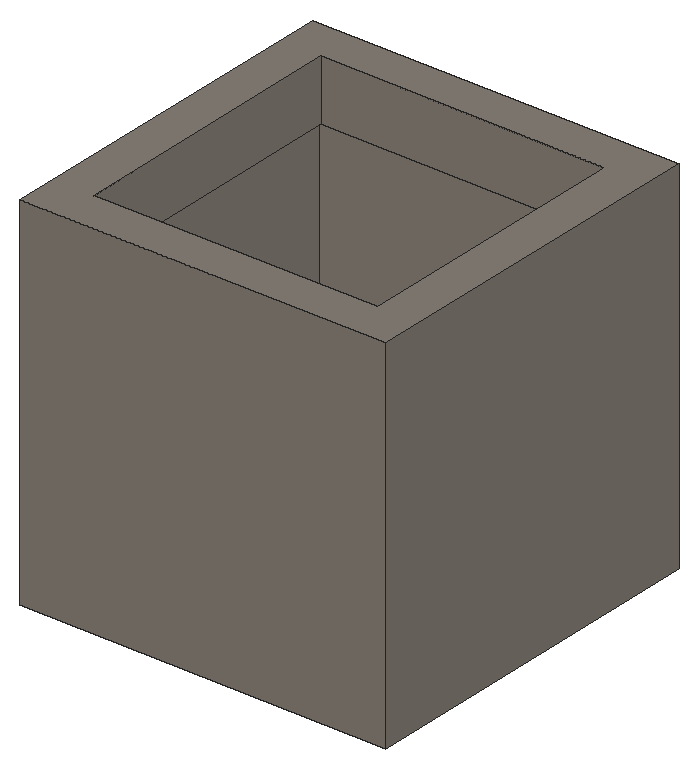
Revit family "Specialty_Equipment-Fiberglass_Planter-Planters_Unlimited-Baxter-Rectangular & Square-rev", category Specialty Equipment, Revit 2023 (continued)
Types (596): name | Type Comments | Description | CD_Width | CD_Specification | CD_Product Page URL | CD_Height | CD_Length
  60"L x 42"W x 42"H | "Rectangular Planter" | "Baxter Rectangular Planter" | 42.0" | "https://www.plantersunlimited.com/content/Planters/C19-LYN-REC.pdf" | "https://www.plantersunlimited.com/lynx-rectangular-planters48/" | 42.0" | 60.0"
  60"L x 42"W x 48"H | "Rectangular Planter" | "Baxter Rectangular Planter" | 42.0" | "https://www.plantersunlimited.com/content/Planters/C19-LYN-REC.pdf" | "https://www.plantersunlimited.com/lynx-rectangular-planters48/" | 48.0" | 60.0"
  66"L x 12"W x 18"H | "Rectangular Planter" | "Baxter Rectangular Planter" | 12.0" | "https://www.plantersunlimited.com/content/Planters/C19-LYN-REC.pdf" | "https://www.plantersunlimited.com/lynx-rectangular-planters48/" | 18.0" | 66.0"
  66"L x 12"W x 24"H | "Rectangular Planter" | "Baxter Rectangular Planter" | 12.0" | "https://www.plantersunlimited.com/content/Planters/C19-LYN-REC.pdf" | "https://www.plantersunlimited.com/lynx-rectangular-planters48/" | 24.0" | 66.0"
  66"L x 12"W x 30"H | "Rectangular Planter" | "Baxter Rectangular Planter" | 12.0" | "https://www.plantersunlimited.com/content/Planters/C19-LYN-REC.pdf" | "https://www.plantersunlimited.com/lynx-rectangular-planters48/" | 30.0" | 66.0"
  66"L x 12"W x 36"H | "Rectangular Planter" | "Baxter Rectangular Planter" | 12.0" | "https://www.plantersunlimited.com/content/Planters/C19-LYN-REC.pdf" | "https://www.plantersunlimited.com/lynx-rectangular-planters48/" | 36.0" | 66.0"
  66"L x 15"W x 18"H | "Rectangular Planter" | "Baxter Rectangular Planter" | 15.0" | "https://www.plantersunlimited.com/content/Planters/C19-LYN-REC.pdf" | "https://www.plantersunlimited.com/lynx-rectangular-planters48/" | 18.0" | 66.0"
  66"L x 15"W x 24"H | "Rectangular Planter" | "Baxter Rectangular Planter" | 15.0" | "https://www.plantersunlimited.com/content/Planters/C19-LYN-REC.pdf" | "https://www.plantersunlimited.com/lynx-rectangular-planters48/" | 24.0" | 66.0"
  66"L x 15"W x 30"H | "Rectangular Planter" | "Baxter Rectangular Planter" | 15.0" | "https://www.plantersunlimited.com/content/Planters/C19-LYN-REC.pdf" | "https://www.plantersunlimited.com/lynx-rectangular-planters48/" | 30.0" | 66.0"
  66"L x 15"W x 36"H | "Rectangular Planter" | "Baxter Rectangular Planter" | 15.0" | "https://www.plantersunlimited.com/content/Planters/C19-LYN-REC.pdf" | "https://www.plantersunlimited.com/lynx-rectangular-planters48/" | 36.0" | 66.0"
  66"L x 15"W x 42"H | "Rectangular Planter" | "Baxter Rectangular Planter" | 15.0" | "https://www.plantersunlimited.com/content/Planters/C19-LYN-REC.pdf" | "https://www.plantersunlimited.com/lynx-rectangular-planters48/" | 42.0" | 66.0"
  66"L x 15"W x 48"H | "Rectangular Planter" | "Baxter Rectangular Planter" | 15.0" | "https://www.plantersunlimited.com/content/Planters/C19-LYN-REC.pdf" | "https://www.plantersunlimited.com/lynx-rectangular-planters48/" | 48.0" | 66.0"
  66"L x 18"W x 18"H | "Rectangular Planter" | "Baxter Rectangular Planter" | 18.0" | "https://www.plantersunlimited.com/content/Planters/C19-LYN-REC.pdf" | "https://www.plantersunlimited.com/lynx-rectangular-planters48/" | 18.0" | 66.0"
  66"L x 18"W x 24"H | "Rectangular Planter" | "Baxter Rectangular Planter" | 18.0" | "https://www.plantersunlimited.com/content/Planters/C19-LYN-REC.pdf" | "https://www.plantersunlimited.com/lynx-rectangular-planters48/" | 24.0" | 66.0"
  66"L x 18"W x 30"H | "Rectangular Planter" | "Baxter Rectangular Planter" | 18.0" | "https://www.plantersunlimited.com/content/Planters/C19-LYN-REC.pdf" | "https://www.plantersunlimited.com/lynx-rectangular-planters48/" | 30.0" | 66.0"
  66"L x 18"W x 36"H | "Rectangular Planter" | "Baxter Rectangular Planter" | 18.0" | "https://www.plantersunlimited.com/content/Planters/C19-LYN-REC.pdf" | "https://www.plantersunlimited.com/lynx-rectangular-planters48/" | 36.0" | 66.0"
  66"L x 18"W x 42"H | "Rectangular Planter" | "Baxter Rectangular Planter" | 18.0" | "https://www.plantersunlimited.com/content/Planters/C19-LYN-REC.pdf" | "https://www.plantersunlimited.com/lynx-rectangular-planters48/" | 42.0" | 66.0"
  66"L x 18"W x 48"H | "Rectangular Planter" | "Baxter Rectangular Planter" | 18.0" | "https://www.plantersunlimited.com/content/Planters/C19-LYN-REC.pdf" | "https://www.plantersunlimited.com/lynx-rectangular-planters48/" | 48.0" | 66.0"
  66"L x 24"W x 18"H | "Rectangular Planter" | "Baxter Rectangular Planter" | 24.0" | "https://www.plantersunlimited.com/content/Planters/C19-LYN-REC.pdf" | "https://www.plantersunlimited.com/lynx-rectangular-planters48/" | 18.0" | 66.0"
  66"L x 24"W x 24"H | "Rectangular Planter" | "Baxter Rectangular Planter" | 24.0" | "https://www.plantersunlimited.com/content/Planters/C19-LYN-REC.pdf" | "https://www.plantersunlimited.com/lynx-rectangular-planters48/" | 24.0" | 66.0"
  66"L x 24"W x 30"H | "Rectangular Planter" | "Baxter Rectangular Planter" | 24.0" | "https://www.plantersunlimited.com/content/Planters/C19-LYN-REC.pdf" | "https://www.plantersunlimited.com/lynx-rectangular-planters48/" | 30.0" | 66.0"
  66"L x 24"W x 36"H | "Rectangular Planter" | "Baxter Rectangular Planter" | 24.0" | "https://www.plantersunlimited.com/content/Planters/C19-LYN-REC.pdf" | "https://www.plantersunlimited.com/lynx-rectangular-planters48/" | 36.0" | 66.0"
  66"L x 24"W x 42"H | "Rectangular Planter" | "Baxter Rectangular Planter" | 24.0" | "https://www.plantersunlimited.com/content/Planters/C19-LYN-REC.pdf" | "https://www.plantersunlimited.com/lynx-rectangular-planters48/" | 42.0" | 66.0"
  66"L x 24"W x 48"H | "Rectangular Planter" | "Baxter Rectangular Planter" | 24.0" | "https://www.plantersunlimited.com/content/Planters/C19-LYN-REC.pdf" | "https://www.plantersunlimited.com/lynx-rectangular-planters48/" | 48.0" | 66.0"
  66"L x 30"W x 18"H | "Rectangular Planter" | "Baxter Rectangular Planter" | 30.0" | "https://www.plantersunlimited.com/content/Planters/C19-LYN-REC.pdf" | "https://www.plantersunlimited.com/lynx-rectangular-planters48/" | 18.0" | 66.0"
  66"L x 30"W x 24"H | "Rectangular Planter" | "Baxter Rectangular Planter" | 30.0" | "https://www.plantersunlimited.com/content/Planters/C19-LYN-REC.pdf" | "https://www.plantersunlimited.com/lynx-rectangular-planters48/" | 24.0" | 66.0"
  66"L x 30"W x 30"H | "Rectangular Planter" | "Baxter Rectangular Planter" | 30.0" | "https://www.plantersunlimited.com/content/Planters/C19-LYN-REC.pdf" | "https://www.plantersunlimited.com/lynx-rectangular-planters48/" | 30.0" | 66.0"
  66"L x 30"W x 36"H | "Rectangular Planter" | "Baxter Rectangular Planter" | 30.0" | "https://www.plantersunlimited.com/content/Planters/C19-LYN-REC.pdf" | "https://www.plantersunlimited.com/lynx-rectangular-planters48/" | 36.0" | 66.0"
  66"L x 30"W x 42"H | "Rectangular Planter" | "Baxter Rectangular Planter" | 30.0" | "https://www.plantersunlimited.com/content/Planters/C19-LYN-REC.pdf" | "https://www.plantersunlimited.com/lynx-rectangular-planters48/" | 42.0" | 66.0"
  66"L x 30"W x 48"H | "Rectangular Planter" | "Baxter Rectangular Planter" | 30.0" | "https://www.plantersunlimited.com/content/Planters/C19-LYN-REC.pdf" | "https://www.plantersunlimited.com/lynx-rectangular-planters48/" | 48.0" | 66.0"
  66"L x 36"W x 18"H | "Rectangular Planter" | "Baxter Rectangular Planter" | 36.0" | "https://www.plantersunlimited.com/content/Planters/C19-LYN-REC.pdf" | "https://www.plantersunlimited.com/lynx-rectangular-planters48/" | 18.0" | 66.0"
  66"L x 36"W x 24"H | "Rectangular Planter" | "Baxter Rectangular Planter" | 36.0" | "https://www.plantersunlimited.com/content/Planters/C19-LYN-REC.pdf" | "https://www.plantersunlimited.com/lynx-rectangular-planters48/" | 24.0" | 66.0"
  66"L x 36"W x 30"H | "Rectangular Planter" | "Baxter Rectangular Planter" | 36.0" | "https://www.plantersunlimited.com/content/Planters/C19-LYN-REC.pdf" | "https://www.plantersunlimited.com/lynx-rectangular-planters48/" | 30.0" | 66.0"
  66"L x 36"W x 36"H | "Rectangular Planter" | "Baxter Rectangular Planter" | 36.0" | "https://www.plantersunlimited.com/content/Planters/C19-LYN-REC.pdf" | "https://www.plantersunlimited.com/lynx-rectangular-planters48/" | 36.0" | 66.0"
  66"L x 36"W x 42"H | "Rectangular Planter" | "Baxter Rectangular Planter" | 36.0" | "https://www.plantersunlimited.com/content/Planters/C19-LYN-REC.pdf" | "https://www.plantersunlimited.com/lynx-rectangular-planters48/" | 42.0" | 66.0"
  66"L x 36"W x 48"H | "Rectangular Planter" | "Baxter Rectangular Planter" | 36.0" | "https://www.plantersunlimited.com/content/Planters/C19-LYN-REC.pdf" | "https://www.plantersunlimited.com/lynx-rectangular-planters48/" | 48.0" | 66.0"
  66"L x 42"W x 18"H | "Rectangular Planter" | "Baxter Rectangular Planter" | 42.0" | "https://www.plantersunlimited.com/content/Planters/C19-LYN-REC.pdf" | "https://www.plantersunlimited.com/lynx-rectangular-planters48/" | 18.0" | 66.0"
  66"L x 42"W x 24"H | "Rectangular Planter" | "Baxter Rectangular Planter" | 42.0" | "https://www.plantersunlimited.com/content/Planters/C19-LYN-REC.pdf" | "https://www.plantersunlimited.com/lynx-rectangular-planters48/" | 24.0" | 66.0"
  66"L x 42"W x 30"H | "Rectangular Planter" | "Baxter Rectangular Planter" | 42.0" | "https://www.plantersunlimited.com/content/Planters/C19-LYN-REC.pdf" | "https://www.plantersunlimited.com/lynx-rectangular-planters48/" | 30.0" | 66.0"
  66"L x 42"W x 36"H | "Rectangular Planter" | "Baxter Rectangular Planter" | 42.0" | "https://www.plantersunlimited.com/content/Planters/C19-LYN-REC.pdf" | "https://www.plantersunlimited.com/lynx-rectangular-planters48/" | 36.0" | 66.0"
  66"L x 42"W x 42"H | "Rectangular Planter" | "Baxter Rectangular Planter" | 42.0" | "https://www.plantersunlimited.com/content/Planters/C19-LYN-REC.pdf" | "https://www.plantersunlimited.com/lynx-rectangular-planters48/" | 42.0" | 66.0"
  66"L x 42"W x 48"H | "Rectangular Planter" | "Baxter Rectangular Planter" | 42.0" | "https://www.plantersunlimited.com/content/Planters/C19-LYN-REC.pdf" | "https://www.plantersunlimited.com/lynx-rectangular-planters48/" | 48.0" | 66.0"
  72"L x 12"W x 18"H | "Rectangular Planter" | "Baxter Rectangular Planter" | 12.0" | "https://www.plantersunlimited.com/content/Planters/C19-LYN-REC.pdf" | "https://www.plantersunlimited.com/lynx-rectangular-planters48/" | 18.0" | 72.0"
  72"L x 12"W x 24"H | "Rectangular Planter" | "Baxter Rectangular Planter" | 12.0" | "https://www.plantersunlimited.com/content/Planters/C19-LYN-REC.pdf" | "https://www.plantersunlimited.com/lynx-rectangular-planters48/" | 24.0" | 72.0"
  72"L x 12"W x 30"H | "Rectangular Planter" | "Baxter Rectangular Planter" | 12.0" | "https://www.plantersunlimited.com/content/Planters/C19-LYN-REC.pdf" | "https://www.plantersunlimited.com/lynx-rectangular-planters48/" | 30.0" | 72.0"
  72"L x 12"W x 36"H | "Rectangular Planter" | "Baxter Rectangular Planter" | 12.0" | "https://www.plantersunlimited.com/content/Planters/C19-LYN-REC.pdf" | "https://www.plantersunlimited.com/lynx-rectangular-planters48/" | 36.0" | 72.0"
  72"L x 15"W x 18"H | "Rectangular Planter" | "Baxter Rectangular Planter" | 15.0" | "https://www.plantersunlimited.com/content/Planters/C19-LYN-REC.pdf" | "https://www.plantersunlimited.com/lynx-rectangular-planters48/" | 18.0" | 72.0"
  72"L x 15"W x 24"H | "Rectangular Planter" | "Baxter Rectangular Planter" | 15.0" | "https://www.plantersunlimited.com/content/Planters/C19-LYN-REC.pdf" | "https://www.plantersunlimited.com/lynx-rectangular-planters48/" | 24.0" | 72.0"
  72"L x 15"W x 30"H | "Rectangular Planter" | "Baxter Rectangular Planter" | 15.0" | "https://www.plantersunlimited.com/content/Planters/C19-LYN-REC.pdf" | "https://www.plantersunlimited.com/lynx-rectangular-planters48/" | 30.0" | 72.0"
  72"L x 15"W x 36"H | "Rectangular Planter" | "Baxter Rectangular Planter" | 15.0" | "https://www.plantersunlimited.com/content/Planters/C19-LYN-REC.pdf" | "https://www.plantersunlimited.com/lynx-rectangular-planters48/" | 36.0" | 72.0"
  72"L x 15"W x 42"H | "Rectangular Planter" | "Baxter Rectangular Planter" | 15.0" | "https://www.plantersunlimited.com/content/Planters/C19-LYN-REC.pdf" | "https://www.plantersunlimited.com/lynx-rectangular-planters48/" | 42.0" | 72.0"
  72"L x 15"W x 48"H | "Rectangular Planter" | "Baxter Rectangular Planter" | 15.0" | "https://www.plantersunlimited.com/content/Planters/C19-LYN-REC.pdf" | "https://www.plantersunlimited.com/lynx-rectangular-planters48/" | 48.0" | 72.0"
  72"L x 18"W x 18"H | "Rectangular Planter" | "Baxter Rectangular Planter" | 18.0" | "https://www.plantersunlimited.com/content/Planters/C19-LYN-REC.pdf" | "https://www.plantersunlimited.com/lynx-rectangular-planters48/" | 18.0" | 72.0"
  72"L x 18"W x 24"H | "Rectangular Planter" | "Baxter Rectangular Planter" | 18.0" | "https://www.plantersunlimited.com/content/Planters/C19-LYN-REC.pdf" | "https://www.plantersunlimited.com/lynx-rectangular-planters48/" | 24.0" | 72.0"
  72"L x 18"W x 30"H | "Rectangular Planter" | "Baxter Rectangular Planter" | 18.0" | "https://www.plantersunlimited.com/content/Planters/C19-LYN-REC.pdf" | "https://www.plantersunlimited.com/lynx-rectangular-planters48/" | 30.0" | 72.0"
  72"L x 18"W x 36"H | "Rectangular Planter" | "Baxter Rectangular Planter" | 18.0" | "https://www.plantersunlimited.com/content/Planters/C19-LYN-REC.pdf" | "https://www.plantersunlimited.com/lynx-rectangular-planters48/" | 36.0" | 72.0"
  72"L x 18"W x 42"H | "Rectangular Planter" | "Baxter Rectangular Planter" | 18.0" | "https://www.plantersunlimited.com/content/Planters/C19-LYN-REC.pdf" | "https://www.plantersunlimited.com/lynx-rectangular-planters48/" | 42.0" | 72.0"
  72"L x 18"W x 48"H | "Rectangular Planter" | "Baxter Rectangular Planter" | 18.0" | "https://www.plantersunlimited.com/content/Planters/C19-LYN-REC.pdf" | "https://www.plantersunlimited.com/lynx-rectangular-planters48/" | 48.0" | 72.0"
  72"L x 24"W x 18"H | "Rectangular Planter" | "Baxter Rectangular Planter" | 24.0" | "https://www.plantersunlimited.com/content/Planters/C19-LYN-REC.pdf" | "https://www.plantersunlimited.com/lynx-rectangular-planters48/" | 18.0" | 72.0"
  72"L x 24"W x 24"H | "Rectangular Planter" | "Baxter Rectangular Planter" | 24.0" | "https://www.plantersunlimited.com/content/Planters/C19-LYN-REC.pdf" | "https://www.plantersunlimited.com/lynx-rectangular-planters48/" | 24.0" | 72.0"
  72"L x 24"W x 30"H | "Rectangular Planter" | "Baxter Rectangular Planter" | 24.0" | "https://www.plantersunlimited.com/content/Planters/C19-LYN-REC.pdf" | "https://www.plantersunlimited.com/lynx-rectangular-planters48/" | 30.0" | 72.0"
  72"L x 24"W x 36"H | "Rectangular Planter" | "Baxter Rectangular Planter" | 24.0" | "https://www.plantersunlimited.com/content/Planters/C19-LYN-REC.pdf" | "https://www.plantersunlimited.com/lynx-rectangular-planters48/" | 36.0" | 72.0"
  72"L x 24"W x 42"H | "Rectangular Planter" | "Baxter Rectangular Planter" | 24.0" | "https://www.plantersunlimited.com/content/Planters/C19-LYN-REC.pdf" | "https://www.plantersunlimited.com/lynx-rectangular-planters48/" | 42.0" | 72.0"
  72"L x 24"W x 48"H | "Rectangular Planter" | "Baxter Rectangular Planter" | 24.0" | "https://www.plantersunlimited.com/content/Planters/C19-LYN-REC.pdf" | "https://www.plantersunlimited.com/lynx-rectangular-planters48/" | 48.0" | 72.0"
  72"L x 30"W x 18"H | "Rectangular Planter" | "Baxter Rectangular Planter" | 30.0" | "https://www.plantersunlimited.com/content/Planters/C19-LYN-REC.pdf" | "https://www.plantersunlimited.com/lynx-rectangular-planters48/" | 18.0" | 72.0"
  72"L x 30"W x 24"H | "Rectangular Planter" | "Baxter Rectangular Planter" | 30.0" | "https://www.plantersunlimited.com/content/Planters/C19-LYN-REC.pdf" | "https://www.plantersunlimited.com/lynx-rectangular-planters48/" | 24.0" | 72.0"
  72"L x 30"W x 30"H | "Rectangular Planter" | "Baxter Rectangular Planter" | 30.0" | "https://www.plantersunlimited.com/content/Planters/C19-LYN-REC.pdf" | "https://www.plantersunlimited.com/lynx-rectangular-planters48/" | 30.0" | 72.0"
  72"L x 30"W x 36"H | "Rectangular Planter" | "Baxter Rectangular Planter" | 30.0" | "https://www.plantersunlimited.com/content/Planters/C19-LYN-REC.pdf" | "https://www.plantersunlimited.com/lynx-rectangular-planters48/" | 36.0" | 72.0"
  72"L x 30"W x 42"H | "Rectangular Planter" | "Baxter Rectangular Planter" | 30.0" | "https://www.plantersunlimited.com/content/Planters/C19-LYN-REC.pdf" | "https://www.plantersunlimited.com/lynx-rectangular-planters48/" | 42.0" | 72.0"
  72"L x 30"W x 48"H | "Rectangular Planter" | "Baxter Rectangular Planter" | 30.0" | "https://www.plantersunlimited.com/content/Planters/C19-LYN-REC.pdf" | "https://www.plantersunlimited.com/lynx-rectangular-planters48/" | 48.0" | 72.0"
  72"L x 36"W x 18"H | "Rectangular Planter" | "Baxter Rectangular Planter" | 36.0" | "https://www.plantersunlimited.com/content/Planters/C19-LYN-REC.pdf" | "https://www.plantersunlimited.com/lynx-rectangular-planters48/" | 18.0" | 72.0"
  72"L x 36"W x 24"H | "Rectangular Planter" | "Baxter Rectangular Planter" | 36.0" | "https://www.plantersunlimited.com/content/Planters/C19-LYN-REC.pdf" | "https://www.plantersunlimited.com/lynx-rectangular-planters48/" | 24.0" | 72.0"
  72"L x 36"W x 30"H | "Rectangular Planter" | "Baxter Rectangular Planter" | 36.0" | "https://www.plantersunlimited.com/content/Planters/C19-LYN-REC.pdf" | "https://www.plantersunlimited.com/lynx-rectangular-planters48/" | 30.0" | 72.0"
  72"L x 36"W x 36"H | "Rectangular Planter" | "Baxter Rectangular Planter" | 36.0" | "https://www.plantersunlimited.com/content/Planters/C19-LYN-REC.pdf" | "https://www.plantersunlimited.com/lynx-rectangular-planters48/" | 36.0" | 72.0"
  72"L x 36"W x 42"H | "Rectangular Planter" | "Baxter Rectangular Planter" | 36.0" | "https://www.plantersunlimited.com/content/Planters/C19-LYN-REC.pdf" | "https://www.plantersunlimited.com/lynx-rectangular-planters48/" | 42.0" | 72.0"
  72"L x 36"W x 48"H | "Rectangular Planter" | "Baxter Rectangular Planter" | 36.0" | "https://www.plantersunlimited.com/content/Planters/C19-LYN-REC.pdf" | "https://www.plantersunlimited.com/lynx-rectangular-planters48/" | 48.0" | 72.0"
  72"L x 42"W x 18"H | "Rectangular Planter" | "Baxter Rectangular Planter" | 42.0" | "https://www.plantersunlimited.com/content/Planters/C19-LYN-REC.pdf" | "https://www.plantersunlimited.com/lynx-rectangular-planters48/" | 18.0" | 72.0"
  72"L x 42"W x 24"H | "Rectangular Planter" | "Baxter Rectangular Planter" | 42.0" | "https://www.plantersunlimited.com/content/Planters/C19-LYN-REC.pdf" | "https://www.plantersunlimited.com/lynx-rectangular-planters48/" | 24.0" | 72.0"
  72"L x 42"W x 30"H | "Rectangular Planter" | "Baxter Rectangular Planter" | 42.0" | "https://www.plantersunlimited.com/content/Planters/C19-LYN-REC.pdf" | "https://www.plantersunlimited.com/lynx-rectangular-planters48/" | 30.0" | 72.0"
  72"L x 42"W x 36"H | "Rectangular Planter" | "Baxter Rectangular Planter" | 42.0" | "https://www.plantersunlimited.com/content/Planters/C19-LYN-REC.pdf" | "https://www.plantersunlimited.com/lynx-rectangular-planters48/" | 36.0" | 72.0"
  72"L x 42"W x 42"H | "Rectangular Planter" | "Baxter Rectangular Planter" | 42.0" | "https://www.plantersunlimited.com/content/Planters/C19-LYN-REC.pdf" | "https://www.plantersunlimited.com/lynx-rectangular-planters48/" | 42.0" | 72.0"
  72"L x 42"W x 48"H | "Rectangular Planter" | "Baxter Rectangular Planter" | 42.0" | "https://www.plantersunlimited.com/content/Planters/C19-LYN-REC.pdf" | "https://www.plantersunlimited.com/lynx-rectangular-planters48/" | 48.0" | 72.0"
  78"L x 12"W x 18"H | "Rectangular Planter" | "Baxter Rectangular Planter" | 12.0" | "https://www.plantersunlimited.com/content/Planters/C19-LYN-REC.pdf" | "https://www.plantersunlimited.com/lynx-rectangular-planters48/" | 18.0" | 78.0"
  78"L x 12"W x 24"H | "Rectangular Planter" | "Baxter Rectangular Planter" | 12.0" | "https://www.plantersunlimited.com/content/Planters/C19-LYN-REC.pdf" | "https://www.plantersunlimited.com/lynx-rectangular-planters48/" | 24.0" | 78.0"
  78"L x 12"W x 30"H | "Rectangular Planter" | "Baxter Rectangular Planter" | 12.0" | "https://www.plantersunlimited.com/content/Planters/C19-LYN-REC.pdf" | "https://www.plantersunlimited.com/lynx-rectangular-planters48/" | 30.0" | 78.0"
  78"L x 12"W x 36"H | "Rectangular Planter" | "Baxter Rectangular Planter" | 12.0" | "https://www.plantersunlimited.com/content/Planters/C19-LYN-REC.pdf" | "https://www.plantersunlimited.com/lynx-rectangular-planters48/" | 36.0" | 78.0"
  78"L x 15"W x 18"H | "Rectangular Planter" | "Baxter Rectangular Planter" | 15.0" | "https://www.plantersunlimited.com/content/Planters/C19-LYN-REC.pdf" | "https://www.plantersunlimited.com/lynx-rectangular-planters48/" | 18.0" | 78.0"
  78"L x 15"W x 24"H | "Rectangular Planter" | "Baxter Rectangular Planter" | 15.0" | "https://www.plantersunlimited.com/content/Planters/C19-LYN-REC.pdf" | "https://www.plantersunlimited.com/lynx-rectangular-planters48/" | 24.0" | 78.0"
  78"L x 15"W x 30"H | "Rectangular Planter" | "Baxter Rectangular Planter" | 15.0" | "https://www.plantersunlimited.com/content/Planters/C19-LYN-REC.pdf" | "https://www.plantersunlimited.com/lynx-rectangular-planters48/" | 30.0" | 78.0"
  78"L x 15"W x 36"H | "Rectangular Planter" | "Baxter Rectangular Planter" | 15.0" | "https://www.plantersunlimited.com/content/Planters/C19-LYN-REC.pdf" | "https://www.plantersunlimited.com/lynx-rectangular-planters48/" | 36.0" | 78.0"
  78"L x 15"W x 42"H | "Rectangular Planter" | "Baxter Rectangular Planter" | 15.0" | "https://www.plantersunlimited.com/content/Planters/C19-LYN-REC.pdf" | "https://www.plantersunlimited.com/lynx-rectangular-planters48/" | 42.0" | 78.0"
  78"L x 15"W x 48"H | "Rectangular Planter" | "Baxter Rectangular Planter" | 15.0" | "https://www.plantersunlimited.com/content/Planters/C19-LYN-REC.pdf" | "https://www.plantersunlimited.com/lynx-rectangular-planters48/" | 48.0" | 78.0"
  78"L x 18"W x 18"H | "Rectangular Planter" | "Baxter Rectangular Planter" | 18.0" | "https://www.plantersunlimited.com/content/Planters/C19-LYN-REC.pdf" | "https://www.plantersunlimited.com/lynx-rectangular-planters48/" | 18.0" | 78.0"
  78"L x 18"W x 24"H | "Rectangular Planter" | "Baxter Rectangular Planter" | 18.0" | "https://www.plantersunlimited.com/content/Planters/C19-LYN-REC.pdf" | "https://www.plantersunlimited.com/lynx-rectangular-planters48/" | 24.0" | 78.0"
  78"L x 18"W x 30"H | "Rectangular Planter" | "Baxter Rectangular Planter" | 18.0" | "https://www.plantersunlimited.com/content/Planters/C19-LYN-REC.pdf" | "https://www.plantersunlimited.com/lynx-rectangular-planters48/" | 30.0" | 78.0"
  78"L x 18"W x 36"H | "Rectangular Planter" | "Baxter Rectangular Planter" | 18.0" | "https://www.plantersunlimited.com/content/Planters/C19-LYN-REC.pdf" | "https://www.plantersunlimited.com/lynx-rectangular-planters48/" | 36.0" | 78.0"
  78"L x 18"W x 42"H | "Rectangular Planter" | "Baxter Rectangular Planter" | 18.0" | "https://www.plantersunlimited.com/content/Planters/C19-LYN-REC.pdf" | "https://www.plantersunlimited.com/lynx-rectangular-planters48/" | 42.0" | 78.0"
  78"L x 18"W x 48"H | "Rectangular Planter" | "Baxter Rectangular Planter" | 18.0" | "https://www.plantersunlimited.com/content/Planters/C19-LYN-REC.pdf" | "https://www.plantersunlimited.com/lynx-rectangular-planters48/" | 48.0" | 78.0"
  78"L x 24"W x 18"H | "Rectangular Planter" | "Baxter Rectangular Planter" | 24.0" | "https://www.plantersunlimited.com/content/Planters/C19-LYN-REC.pdf" | "https://www.plantersunlimited.com/lynx-rectangular-planters48/" | 18.0" | 78.0"
  78"L x 24"W x 24"H | "Rectangular Planter" | "Baxter Rectangular Planter" | 24.0" | "https://www.plantersunlimited.com/content/Planters/C19-LYN-REC.pdf" | "https://www.plantersunlimited.com/lynx-rectangular-planters48/" | 24.0" | 78.0"
  78"L x 24"W x 30"H | "Rectangular Planter" | "Baxter Rectangular Planter" | 24.0" | "https://www.plantersunlimited.com/content/Planters/C19-LYN-REC.pdf" | "https://www.plantersunlimited.com/lynx-rectangular-planters48/" | 30.0" | 78.0"
  78"L x 24"W x 36"H | "Rectangular Planter" | "Baxter Rectangular Planter" | 24.0" | "https://www.plantersunlimited.com/content/Planters/C19-LYN-REC.pdf" | "https://www.plantersunlimited.com/lynx-rectangular-planters48/" | 36.0" | 78.0"
  78"L x 24"W x 42"H | "Rectangular Planter" | "Baxter Rectangular Planter" | 24.0" | "https://www.plantersunlimited.com/content/Planters/C19-LYN-REC.pdf" | "https://www.plantersunlimited.com/lynx-rectangular-planters48/" | 42.0" | 78.0"
  78"L x 24"W x 48"H | "Rectangular Planter" | "Baxter Rectangular Planter" | 24.0" | "https://www.plantersunlimited.com/content/Planters/C19-LYN-REC.pdf" | "https://www.plantersunlimited.com/lynx-rectangular-planters48/" | 48.0" | 78.0"
  78"L x 30"W x 18"H | "Rectangular Planter" | "Baxter Rectangular Planter" | 30.0" | "https://www.plantersunlimited.com/content/Planters/C19-LYN-REC.pdf" | "https://www.plantersunlimited.com/lynx-rectangular-planters48/" | 18.0" | 78.0"
  78"L x 30"W x 24"H | "Rectangular Planter" | "Baxter Rectangular Planter" | 30.0" | "https://www.plantersunlimited.com/content/Planters/C19-LYN-REC.pdf" | "https://www.plantersunlimited.com/lynx-rectangular-planters48/" | 24.0" | 78.0"
  78"L x 30"W x 30"H | "Rectangular Planter" | "Baxter Rectangular Planter" | 30.0" | "https://www.plantersunlimited.com/content/Planters/C19-LYN-REC.pdf" | "https://www.plantersunlimited.com/lynx-rectangular-planters48/" | 30.0" | 78.0"
  78"L x 30"W x 36"H | "Rectangular Planter" | "Baxter Rectangular Planter" | 30.0" | "https://www.plantersunlimited.com/content/Planters/C19-LYN-REC.pdf" | "https://www.plantersunlimited.com/lynx-rectangular-planters48/" | 36.0" | 78.0"
  78"L x 30"W x 42"H | "Rectangular Planter" | "Baxter Rectangular Planter" | 30.0" | "https://www.plantersunlimited.com/content/Planters/C19-LYN-REC.pdf" | "https://www.plantersunlimited.com/lynx-rectangular-planters48/" | 42.0" | 78.0"
  78"L x 30"W x 48"H | "Rectangular Planter" | "Baxter Rectangular Planter" | 30.0" | "https://www.plantersunlimited.com/content/Planters/C19-LYN-REC.pdf" | "https://www.plantersunlimited.com/lynx-rectangular-planters48/" | 48.0" | 78.0"
  78"L x 36"W x 18"H | "Rectangular Planter" | "Baxter Rectangular Planter" | 36.0" | "https://www.plantersunlimited.com/content/Planters/C19-LYN-REC.pdf" | "https://www.plantersunlimited.com/lynx-rectangular-planters48/" | 18.0" | 78.0"
  78"L x 36"W x 24"H | "Rectangular Planter" | "Baxter Rectangular Planter" | 36.0" | "https://www.plantersunlimited.com/content/Planters/C19-LYN-REC.pdf" | "https://www.plantersunlimited.com/lynx-rectangular-planters48/" | 24.0" | 78.0"
  78"L x 36"W x 30"H | "Rectangular Planter" | "Baxter Rectangular Planter" | 36.0" | "https://www.plantersunlimited.com/content/Planters/C19-LYN-REC.pdf" | "https://www.plantersunlimited.com/lynx-rectangular-planters48/" | 30.0" | 78.0"
  78"L x 36"W x 36"H | "Rectangular Planter" | "Baxter Rectangular Planter" | 36.0" | "https://www.plantersunlimited.com/content/Planters/C19-LYN-REC.pdf" | "https://www.plantersunlimited.com/lynx-rectangular-planters48/" | 36.0" | 78.0"
  78"L x 36"W x 42"H | "Rectangular Planter" | "Baxter Rectangular Planter" | 36.0" | "https://www.plantersunlimited.com/content/Planters/C19-LYN-REC.pdf" | "https://www.plantersunlimited.com/lynx-rectangular-planters48/" | 42.0" | 78.0"
  78"L x 36"W x 48"H | "Rectangular Planter" | "Baxter Rectangular Planter" | 36.0" | "https://www.plantersunlimited.com/content/Planters/C19-LYN-REC.pdf" | "https://www.plantersunlimited.com/lynx-rectangular-planters48/" | 48.0" | 78.0"
  78"L x 42"W x 18"H | "Rectangular Planter" | "Baxter Rectangular Planter" | 42.0" | "https://www.plantersunlimited.com/content/Planters/C19-LYN-REC.pdf" | "https://www.plantersunlimited.com/lynx-rectangular-planters48/" | 18.0" | 78.0"
  78"L x 42"W x 24"H | "Rectangular Planter" | "Baxter Rectangular Planter" | 42.0" | "https://www.plantersunlimited.com/content/Planters/C19-LYN-REC.pdf" | "https://www.plantersunlimited.com/lynx-rectangular-planters48/" | 24.0" | 78.0"
  78"L x 42"W x 30"H | "Rectangular Planter" | "Baxter Rectangular Planter" | 42.0" | "https://www.plantersunlimited.com/content/Planters/C19-LYN-REC.pdf" | "https://www.plantersunlimited.com/lynx-rectangular-planters48/" | 30.0" | 78.0"
  78"L x 42"W x 36"H | "Rectangular Planter" | "Baxter Rectangular Planter" | 42.0" | "https://www.plantersunlimited.com/content/Planters/C19-LYN-REC.pdf" | "https://www.plantersunlimited.com/lynx-rectangular-planters48/" | 36.0" | 78.0"
  78"L x 42"W x 42"H | "Rectangular Planter" | "Baxter Rectangular Planter" | 42.0" | "https://www.plantersunlimited.com/content/Planters/C19-LYN-REC.pdf" | "https://www.plantersunlimited.com/lynx-rectangular-planters48/" | 42.0" | 78.0"
  78"L x 42"W x 48"H | "Rectangular Planter" | "Baxter Rectangular Planter" | 42.0" | "https://www.plantersunlimited.com/content/Planters/C19-LYN-REC.pdf" | "https://www.plantersunlimited.com/lynx-rectangular-planters48/" | 48.0" | 78.0"
  84"L x 12"W x 18"H | "Rectangular Planter" | "Baxter Rectangular Planter" | 12.0" | "https://www.plantersunlimited.com/content/Planters/C19-LYN-REC.pdf" | "https://www.plantersunlimited.com/lynx-rectangular-planters48/" | 18.0" | 84.0"
  84"L x 12"W x 24"H | "Rectangular Planter" | "Baxter Rectangular Planter" | 12.0" | "https://www.plantersunlimited.com/content/Planters/C19-LYN-REC.pdf" | "https://www.plantersunlimited.com/lynx-rectangular-planters48/" | 24.0" | 84.0"
  84"L x 12"W x 30"H | "Rectangular Planter" | "Baxter Rectangular Planter" | 12.0" | "https://www.plantersunlimited.com/content/Planters/C19-LYN-REC.pdf" | "https://www.plantersunlimited.com/lynx-rectangular-planters48/" | 30.0" | 84.0"
  84"L x 12"W x 36"H | "Rectangular Planter" | "Baxter Rectangular Planter" | 12.0" | "https://www.plantersunlimited.com/content/Planters/C19-LYN-REC.pdf" | "https://www.plantersunlimited.com/lynx-rectangular-planters48/" | 36.0" | 84.0"
  84"L x 15"W x 18"H | "Rectangular Planter" | "Baxter Rectangular Planter" | 15.0" | "https://www.plantersunlimited.com/content/Planters/C19-LYN-REC.pdf" | "https://www.plantersunlimited.com/lynx-rectangular-planters48/" | 18.0" | 84.0"
  84"L x 15"W x 24"H | "Rectangular Planter" | "Baxter Rectangular Planter" | 15.0" | "https://www.plantersunlimited.com/content/Planters/C19-LYN-REC.pdf" | "https://www.plantersunlimited.com/lynx-rectangular-planters48/" | 24.0" | 84.0"
  84"L x 15"W x 30"H | "Rectangular Planter" | "Baxter Rectangular Planter" | 15.0" | "https://www.plantersunlimited.com/content/Planters/C19-LYN-REC.pdf" | "https://www.plantersunlimited.com/lynx-rectangular-planters48/" | 30.0" | 84.0"
  84"L x 15"W x 36"H | "Rectangular Planter" | "Baxter Rectangular Planter" | 15.0" | "https://www.plantersunlimited.com/content/Planters/C19-LYN-REC.pdf" | "https://www.plantersunlimited.com/lynx-rectangular-planters48/" | 36.0" | 84.0"
  84"L x 15"W x 42"H | "Rectangular Planter" | "Baxter Rectangular Planter" | 15.0" | "https://www.plantersunlimited.com/content/Planters/C19-LYN-REC.pdf" | "https://www.plantersunlimited.com/lynx-rectangular-planters48/" | 42.0" | 84.0"
  84"L x 15"W x 48"H | "Rectangular Planter" | "Baxter Rectangular Planter" | 15.0" | "https://www.plantersunlimited.com/content/Planters/C19-LYN-REC.pdf" | "https://www.plantersunlimited.com/lynx-rectangular-planters48/" | 48.0" | 84.0"
  84"L x 18"W x 18"H | "Rectangular Planter" | "Baxter Rectangular Planter" | 18.0" | "https://www.plantersunlimited.com/content/Planters/C19-LYN-REC.pdf" | "https://www.plantersunlimited.com/lynx-rectangular-planters48/" | 18.0" | 84.0"
  84"L x 18"W x 24"H | "Rectangular Planter" | "Baxter Rectangular Planter" | 18.0" | "https://www.plantersunlimited.com/content/Planters/C19-LYN-REC.pdf" | "https://www.plantersunlimited.com/lynx-rectangular-planters48/" | 24.0" | 84.0"
  84"L x 18"W x 30"H | "Rectangular Planter" | "Baxter Rectangular Planter" | 18.0" | "https://www.plantersunlimited.com/content/Planters/C19-LYN-REC.pdf" | "https://www.plantersunlimited.com/lynx-rectangular-planters48/" | 30.0" | 84.0"
  84"L x 18"W x 36"H | "Rectangular Planter" | "Baxter Rectangular Planter" | 18.0" | "https://www.plantersunlimited.com/content/Planters/C19-LYN-REC.pdf" | "https://www.plantersunlimited.com/lynx-rectangular-planters48/" | 36.0" | 84.0"
  84"L x 18"W x 42"H | "Rectangular Planter" | "Baxter Rectangular Planter" | 18.0" | "https://www.plantersunlimited.com/content/Planters/C19-LYN-REC.pdf" | "https://www.plantersunlimited.com/lynx-rectangular-planters48/" | 42.0" | 84.0"
  84"L x 18"W x 48"H | "Rectangular Planter" | "Baxter Rectangular Planter" | 18.0" | "https://www.plantersunlimited.com/content/Planters/C19-LYN-REC.pdf" | "https://www.plantersunlimited.com/lynx-rectangular-planters48/" | 48.0" | 84.0"
  84"L x 24"W x 18"H | "Rectangular Planter" | "Baxter Rectangular Planter" | 24.0" | "https://www.plantersunlimited.com/content/Planters/C19-LYN-REC.pdf" | "https://www.plantersunlimited.com/lynx-rectangular-planters48/" | 18.0" | 84.0"
  84"L x 24"W x 24"H | "Rectangular Planter" | "Baxter Rectangular Planter" | 24.0" | "https://www.plantersunlimited.com/content/Planters/C19-LYN-REC.pdf" | "https://www.plantersunlimited.com/lynx-rectangular-planters48/" | 24.0" | 84.0"
  84"L x 24"W x 30"H | "Rectangular Planter" | "Baxter Rectangular Planter" | 24.0" | "https://www.plantersunlimited.com/content/Planters/C19-LYN-REC.pdf" | "https://www.plantersunlimited.com/lynx-rectangular-planters48/" | 30.0" | 84.0"
  84"L x 24"W x 36"H | "Rectangular Planter" | "Baxter Rectangular Planter" | 24.0" | "https://www.plantersunlimited.com/content/Planters/C19-LYN-REC.pdf" | "https://www.plantersunlimited.com/lynx-rectangular-planters48/" | 36.0" | 84.0"
  84"L x 24"W x 42"H | "Rectangular Planter" | "Baxter Rectangular Planter" | 24.0" | "https://www.plantersunlimited.com/content/Planters/C19-LYN-REC.pdf" | "https://www.plantersunlimited.com/lynx-rectangular-planters48/" | 42.0" | 84.0"
  84"L x 24"W x 48"H | "Rectangular Planter" | "Baxter Rectangular Planter" | 24.0" | "https://www.plantersunlimited.com/content/Planters/C19-LYN-REC.pdf" | "https://www.plantersunlimited.com/lynx-rectangular-planters48/" | 48.0" | 84.0"
  84"L x 30"W x 18"H | "Rectangular Planter" | "Baxter Rectangular Planter" | 30.0" | "https://www.plantersunlimited.com/content/Planters/C19-LYN-REC.pdf" | "https://www.plantersunlimited.com/lynx-rectangular-planters48/" | 18.0" | 84.0"
  84"L x 30"W x 24"H | "Rectangular Planter" | "Baxter Rectangular Planter" | 30.0" | "https://www.plantersunlimited.com/content/Planters/C19-LYN-REC.pdf" | "https://www.plantersunlimited.com/lynx-rectangular-planters48/" | 24.0" | 84.0"
  84"L x 30"W x 30"H | "Rectangular Planter" | "Baxter Rectangular Planter" | 30.0" | "https://www.plantersunlimited.com/content/Planters/C19-LYN-REC.pdf" | "https://www.plantersunlimited.com/lynx-rectangular-planters48/" | 30.0" | 84.0"
  84"L x 30"W x 36"H | "Rectangular Planter" | "Baxter Rectangular Planter" | 30.0" | "https://www.plantersunlimited.com/content/Planters/C19-LYN-REC.pdf" | "https://www.plantersunlimited.com/lynx-rectangular-planters48/" | 36.0" | 84.0"
  84"L x 30"W x 42"H | "Rectangular Planter" | "Baxter Rectangular Planter" | 30.0" | "https://www.plantersunlimited.com/content/Planters/C19-LYN-REC.pdf" | "https://www.plantersunlimited.com/lynx-rectangular-planters48/" | 42.0" | 84.0"
  84"L x 30"W x 48"H | "Rectangular Planter" | "Baxter Rectangular Planter" | 30.0" | "https://www.plantersunlimited.com/content/Planters/C19-LYN-REC.pdf" | "https://www.plantersunlimited.com/lynx-rectangular-planters48/" | 48.0" | 84.0"
  84"L x 36"W x 18"H | "Rectangular Planter" | "Baxter Rectangular Planter" | 36.0" | "https://www.plantersunlimited.com/content/Planters/C19-LYN-REC.pdf" | "https://www.plantersunlimited.com/lynx-rectangular-planters48/" | 18.0" | 84.0"
  84"L x 36"W x 24"H | "Rectangular Planter" | "Baxter Rectangular Planter" | 36.0" | "https://www.plantersunlimited.com/content/Planters/C19-LYN-REC.pdf" | "https://www.plantersunlimited.com/lynx-rectangular-planters48/" | 24.0" | 84.0"
  84"L x 36"W x 30"H | "Rectangular Planter" | "Baxter Rectangular Planter" | 36.0" | "https://www.plantersunlimited.com/content/Planters/C19-LYN-REC.pdf" | "https://www.plantersunlimited.com/lynx-rectangular-planters48/" | 30.0" | 84.0"
  84"L x 36"W x 36"H | "Rectangular Planter" | "Baxter Rectangular Planter" | 36.0" | "https://www.plantersunlimited.com/content/Planters/C19-LYN-REC.pdf" | "https://www.plantersunlimited.com/lynx-rectangular-planters48/" | 36.0" | 84.0"
  84"L x 36"W x 42"H | "Rectangular Planter" | "Baxter Rectangular Planter" | 36.0" | "https://www.plantersunlimited.com/content/Planters/C19-LYN-REC.pdf" | "https://www.plantersunlimited.com/lynx-rectangular-planters48/" | 42.0" | 84.0"
  84"L x 36"W x 48"H | "Rectangular Planter" | "Baxter Rectangular Planter" | 36.0" | "https://www.plantersunlimited.com/content/Planters/C19-LYN-REC.pdf" | "https://www.plantersunlimited.com/lynx-rectangular-planters48/" | 48.0" | 84.0"
  84"L x 42"W x 18"H | "Rectangular Planter" | "Baxter Rectangular Planter" | 42.0" | "https://www.plantersunlimited.com/content/Planters/C19-LYN-REC.pdf" | "https://www.plantersunlimited.com/lynx-rectangular-planters48/" | 18.0" | 84.0"
  84"L x 42"W x 24"H | "Rectangular Planter" | "Baxter Rectangular Planter" | 42.0" | "https://www.plantersunlimited.com/content/Planters/C19-LYN-REC.pdf" | "https://www.plantersunlimited.com/lynx-rectangular-planters48/" | 24.0" | 84.0"
  84"L x 42"W x 30"H | "Rectangular Planter" | "Baxter Rectangular Planter" | 42.0" | "https://www.plantersunlimited.com/content/Planters/C19-LYN-REC.pdf" | "https://www.plantersunlimited.com/lynx-rectangular-planters48/" | 30.0" | 84.0"
  84"L x 42"W x 36"H | "Rectangular Planter" | "Baxter Rectangular Planter" | 42.0" | "https://www.plantersunlimited.com/content/Planters/C19-LYN-REC.pdf" | "https://www.plantersunlimited.com/lynx-rectangular-planters48/" | 36.0" | 84.0"
  84"L x 42"W x 42"H | "Rectangular Planter" | "Baxter Rectangular Planter" | 42.0" | "https://www.plantersunlimited.com/content/Planters/C19-LYN-REC.pdf" | "https://www.plantersunlimited.com/lynx-rectangular-planters48/" | 42.0" | 84.0"
  84"L x 42"W x 48"H | "Rectangular Planter" | "Baxter Rectangular Planter" | 42.0" | "https://www.plantersunlimited.com/content/Planters/C19-LYN-REC.pdf" | "https://www.plantersunlimited.com/lynx-rectangular-planters48/" | 48.0" | 84.0"
  90"L x 12"W x 18"H | "Rectangular Planter" | "Baxter Rectangular Planter" | 12.0" | "https://www.plantersunlimited.com/content/Planters/C19-LYN-REC.pdf" | "https://www.plantersunlimited.com/lynx-rectangular-planters48/" | 18.0" | 90.0"
  90"L x 12"W x 24"H | "Rectangular Planter" | "Baxter Rectangular Planter" | 12.0" | "https://www.plantersunlimited.com/content/Planters/C19-LYN-REC.pdf" | "https://www.plantersunlimited.com/lynx-rectangular-planters48/" | 24.0" | 90.0"
  90"L x 12"W x 30"H | "Rectangular Planter" | "Baxter Rectangular Planter" | 12.0" | "https://www.plantersunlimited.com/content/Planters/C19-LYN-REC.pdf" | "https://www.plantersunlimited.com/lynx-rectangular-planters48/" | 30.0" | 90.0"
  90"L x 12"W x 36"H | "Rectangular Planter" | "Baxter Rectangular Planter" | 12.0" | "https://www.plantersunlimited.com/content/Planters/C19-LYN-REC.pdf" | "https://www.plantersunlimited.com/lynx-rectangular-planters48/" | 36.0" | 90.0"
  90"L x 15"W x 18"H | "Rectangular Planter" | "Baxter Rectangular Planter" | 15.0" | "https://www.plantersunlimited.com/content/Planters/C19-LYN-REC.pdf" | "https://www.plantersunlimited.com/lynx-rectangular-planters48/" | 18.0" | 90.0"
  90"L x 15"W x 24"H | "Rectangular Planter" | "Baxter Rectangular Planter" | 15.0" | "https://www.plantersunlimited.com/content/Planters/C19-LYN-REC.pdf" | "https://www.plantersunlimited.com/lynx-rectangular-planters48/" | 24.0" | 90.0"
  90"L x 15"W x 30"H | "Rectangular Planter" | "Baxter Rectangular Planter" | 15.0" | "https://www.plantersunlimited.com/content/Planters/C19-LYN-REC.pdf" | "https://www.plantersunlimited.com/lynx-rectangular-planters48/" | 30.0" | 90.0"
  90"L x 15"W x 36"H | "Rectangular Planter" | "Baxter Rectangular Planter" | 15.0" | "https://www.plantersunlimited.com/content/Planters/C19-LYN-REC.pdf" | "https://www.plantersunlimited.com/lynx-rectangular-planters48/" | 36.0" | 90.0"
  90"L x 15"W x 42"H | "Rectangular Planter" | "Baxter Rectangular Planter" | 15.0" | "https://www.plantersunlimited.com/content/Planters/C19-LYN-REC.pdf" | "https://www.plantersunlimited.com/lynx-rectangular-planters48/" | 42.0" | 90.0"
  90"L x 15"W x 48"H | "Rectangular Planter" | "Baxter Rectangular Planter" | 15.0" | "https://www.plantersunlimited.com/content/Planters/C19-LYN-REC.pdf" | "https://www.plantersunlimited.com/lynx-rectangular-planters48/" | 48.0" | 90.0"
  90"L x 18"W x 18"H | "Rectangular Planter" | "Baxter Rectangular Planter" | 18.0" | "https://www.plantersunlimited.com/content/Planters/C19-LYN-REC.pdf" | "https://www.plantersunlimited.com/lynx-rectangular-planters48/" | 18.0" | 90.0"
  90"L x 18"W x 24"H | "Rectangular Planter" | "Baxter Rectangular Planter" | 18.0" | "https://www.plantersunlimited.com/content/Planters/C19-LYN-REC.pdf" | "https://www.plantersunlimited.com/lynx-rectangular-planters48/" | 24.0" | 90.0"
  90"L x 18"W x 30"H | "Rectangular Planter" | "Baxter Rectangular Planter" | 18.0" | "https://www.plantersunlimited.com/content/Planters/C19-LYN-REC.pdf" | "https://www.plantersunlimited.com/lynx-rectangular-planters48/" | 30.0" | 90.0"
  90"L x 18"W x 36"H | "Rectangular Planter" | "Baxter Rectangular Planter" | 18.0" | "https://www.plantersunlimited.com/content/Planters/C19-LYN-REC.pdf" | "https://www.plantersunlimited.com/lynx-rectangular-planters48/" | 36.0" | 90.0"
  90"L x 18"W x 42"H | "Rectangular Planter" | "Baxter Rectangular Planter" | 18.0" | "https://www.plantersunlimited.com/content/Planters/C19-LYN-REC.pdf" | "https://www.plantersunlimited.com/lynx-rectangular-planters48/" | 42.0" | 90.0"
  90"L x 18"W x 48"H | "Rectangular Planter" | "Baxter Rectangular Planter" | 18.0" | "https://www.plantersunlimited.com/content/Planters/C19-LYN-REC.pdf" | "https://www.plantersunlimited.com/lynx-rectangular-planters48/" | 48.0" | 90.0"
  90"L x 24"W x 18"H | "Rectangular Planter" | "Baxter Rectangular Planter" | 24.0" | "https://www.plantersunlimited.com/content/Planters/C19-LYN-REC.pdf" | "https://www.plantersunlimited.com/lynx-rectangular-planters48/" | 18.0" | 90.0"
  90"L x 24"W x 24"H | "Rectangular Planter" | "Baxter Rectangular Planter" | 24.0" | "https://www.plantersunlimited.com/content/Planters/C19-LYN-REC.pdf" | "https://www.plantersunlimited.com/lynx-rectangular-planters48/" | 24.0" | 90.0"
  90"L x 24"W x 30"H | "Rectangular Planter" | "Baxter Rectangular Planter" | 24.0" | "https://www.plantersunlimited.com/content/Planters/C19-LYN-REC.pdf" | "https://www.plantersunlimited.com/lynx-rectangular-planters48/" | 30.0" | 90.0"
  90"L x 24"W x 36"H | "Rectangular Planter" | "Baxter Rectangular Planter" | 24.0" | "https://www.plantersunlimited.com/content/Planters/C19-LYN-REC.pdf" | "https://www.plantersunlimited.com/lynx-rectangular-planters48/" | 36.0" | 90.0"
  90"L x 24"W x 42"H | "Rectangular Planter" | "Baxter Rectangular Planter" | 24.0" | "https://www.plantersunlimited.com/content/Planters/C19-LYN-REC.pdf" | "https://www.plantersunlimited.com/lynx-rectangular-planters48/" | 42.0" | 90.0"
  90"L x 24"W x 48"H | "Rectangular Planter" | "Baxter Rectangular Planter" | 24.0" | "https://www.plantersunlimited.com/content/Planters/C19-LYN-REC.pdf" | "https://www.plantersunlimited.com/lynx-rectangular-planters48/" | 48.0" | 90.0"
  90"L x 30"W x 18"H | "Rectangular Planter" | "Baxter Rectangular Planter" | 30.0" | "https://www.plantersunlimited.com/content/Planters/C19-LYN-REC.pdf" | "https://www.plantersunlimited.com/lynx-rectangular-planters48/" | 18.0" | 90.0"
  90"L x 30"W x 24"H | "Rectangular Planter" | "Baxter Rectangular Planter" | 30.0" | "https://www.plantersunlimited.com/content/Planters/C19-LYN-REC.pdf" | "https://www.plantersunlimited.com/lynx-rectangular-planters48/" | 24.0" | 90.0"
  90"L x 30"W x 30"H | "Rectangular Planter" | "Baxter Rectangular Planter" | 30.0" | "https://www.plantersunlimited.com/content/Planters/C19-LYN-REC.pdf" | "https://www.plantersunlimited.com/lynx-rectangular-planters48/" | 30.0" | 90.0"
  90"L x 30"W x 36"H | "Rectangular Planter" | "Baxter Rectangular Planter" | 30.0" | "https://www.plantersunlimited.com/content/Planters/C19-LYN-REC.pdf" | "https://www.plantersunlimited.com/lynx-rectangular-planters48/" | 36.0" | 90.0"
  90"L x 30"W x 42"H | "Rectangular Planter" | "Baxter Rectangular Planter" | 30.0" | "https://www.plantersunlimited.com/content/Planters/C19-LYN-REC.pdf" | "https://www.plantersunlimited.com/lynx-rectangular-planters48/" | 42.0" | 90.0"
  90"L x 30"W x 48"H | "Rectangular Planter" | "Baxter Rectangular Planter" | 30.0" | "https://www.plantersunlimited.com/content/Planters/C19-LYN-REC.pdf" | "https://www.plantersunlimited.com/lynx-rectangular-planters48/" | 48.0" | 90.0"
  90"L x 36"W x 18"H | "Rectangular Planter" | "Baxter Rectangular Planter" | 36.0" | "https://www.plantersunlimited.com/content/Planters/C19-LYN-REC.pdf" | "https://www.plantersunlimited.com/lynx-rectangular-planters48/" | 18.0" | 90.0"
  90"L x 36"W x 24"H | "Rectangular Planter" | "Baxter Rectangular Planter" | 36.0" | "https://www.plantersunlimited.com/content/Planters/C19-LYN-REC.pdf" | "https://www.plantersunlimited.com/lynx-rectangular-planters48/" | 24.0" | 90.0"
  90"L x 36"W x 30"H | "Rectangular Planter" | "Baxter Rectangular Planter" | 36.0" | "https://www.plantersunlimited.com/content/Planters/C19-LYN-REC.pdf" | "https://www.plantersunlimited.com/lynx-rectangular-planters48/" | 30.0" | 90.0"
  90"L x 36"W x 36"H | "Rectangular Planter" | "Baxter Rectangular Planter" | 36.0" | "https://www.plantersunlimited.com/content/Planters/C19-LYN-REC.pdf" | "https://www.plantersunlimited.com/lynx-rectangular-planters48/" | 36.0" | 90.0"
  90"L x 36"W x 42"H | "Rectangular Planter" | "Baxter Rectangular Planter" | 36.0" | "https://www.plantersunlimited.com/content/Planters/C19-LYN-REC.pdf" | "https://www.plantersunlimited.com/lynx-rectangular-planters48/" | 42.0" | 90.0"
  90"L x 36"W x 48"H | "Rectangular Planter" | "Baxter Rectangular Planter" | 36.0" | "https://www.plantersunlimited.com/content/Planters/C19-LYN-REC.pdf" | "https://www.plantersunlimited.com/lynx-rectangular-planters48/" | 48.0" | 90.0"
  90"L x 42"W x 18"H | "Rectangular Planter" | "Baxter Rectangular Planter" | 42.0" | "https://www.plantersunlimited.com/content/Planters/C19-LYN-REC.pdf" | "https://www.plantersunlimited.com/lynx-rectangular-planters48/" | 18.0" | 90.0"
  90"L x 42"W x 24"H | "Rectangular Planter" | "Baxter Rectangular Planter" | 42.0" | "https://www.plantersunlimited.com/content/Planters/C19-LYN-REC.pdf" | "https://www.plantersunlimited.com/lynx-rectangular-planters48/" | 24.0" | 90.0"
  90"L x 42"W x 30"H | "Rectangular Planter" | "Baxter Rectangular Planter" | 42.0" | "https://www.plantersunlimited.com/content/Planters/C19-LYN-REC.pdf" | "https://www.plantersunlimited.com/lynx-rectangular-planters48/" | 30.0" | 90.0"
  90"L x 42"W x 36"H | "Rectangular Planter" | "Baxter Rectangular Planter" | 42.0" | "https://www.plantersunlimited.com/content/Planters/C19-LYN-REC.pdf" | "https://www.plantersunlimited.com/lynx-rectangular-planters48/" | 36.0" | 90.0"
  90"L x 42"W x 42"H | "Rectangular Planter" | "Baxter Rectangular Planter" | 42.0" | "https://www.plantersunlimited.com/content/Planters/C19-LYN-REC.pdf" | "https://www.plantersunlimited.com/lynx-rectangular-planters48/" | 42.0" | 90.0"
  90"L x 42"W x 48"H | "Rectangular Planter" | "Baxter Rectangular Planter" | 42.0" | "https://www.plantersunlimited.com/content/Planters/C19-LYN-REC.pdf" | "https://www.plantersunlimited.com/lynx-rectangular-planters48/" | 48.0" | 90.0"
  96"L x 12"W x 18"H | "Rectangular Planter" | "Baxter Rectangular Planter" | 12.0" | "https://www.plantersunlimited.com/content/Planters/C19-LYN-REC.pdf" | "https://www.plantersunlimited.com/lynx-rectangular-planters48/" | 18.0" | 96.0"
  96"L x 12"W x 24"H | "Rectangular Planter" | "Baxter Rectangular Planter" | 12.0" | "https://www.plantersunlimited.com/content/Planters/C19-LYN-REC.pdf" | "https://www.plantersunlimited.com/lynx-rectangular-planters48/" | 24.0" | 96.0"
  96"L x 12"W x 30"H | "Rectangular Planter" | "Baxter Rectangular Planter" | 12.0" | "https://www.plantersunlimited.com/content/Planters/C19-LYN-REC.pdf" | "https://www.plantersunlimited.com/lynx-rectangular-planters48/" | 30.0" | 96.0"
  96"L x 12"W x 36"H | "Rectangular Planter" | "Baxter Rectangular Planter" | 12.0" | "https://www.plantersunlimited.com/content/Planters/C19-LYN-REC.pdf" | "https://www.plantersunlimited.com/lynx-rectangular-planters48/" | 36.0" | 96.0"
  96"L x 15"W x 18"H | "Rectangular Planter" | "Baxter Rectangular Planter" | 15.0" | "https://www.plantersunlimited.com/content/Planters/C19-LYN-REC.pdf" | "https://www.plantersunlimited.com/lynx-rectangular-planters48/" | 18.0" | 96.0"
  96"L x 15"W x 24"H | "Rectangular Planter" | "Baxter Rectangular Planter" | 15.0" | "https://www.plantersunlimited.com/content/Planters/C19-LYN-REC.pdf" | "https://www.plantersunlimited.com/lynx-rectangular-planters48/" | 24.0" | 96.0"
  96"L x 15"W x 30"H | "Rectangular Planter" | "Baxter Rectangular Planter" | 15.0" | "https://www.plantersunlimited.com/content/Planters/C19-LYN-REC.pdf" | "https://www.plantersunlimited.com/lynx-rectangular-planters48/" | 30.0" | 96.0"
  96"L x 15"W x 36"H | "Rectangular Planter" | "Baxter Rectangular Planter" | 15.0" | "https://www.plantersunlimited.com/content/Planters/C19-LYN-REC.pdf" | "https://www.plantersunlimited.com/lynx-rectangular-planters48/" | 36.0" | 96.0"
  96"L x 15"W x 42"H | "Rectangular Planter" | "Baxter Rectangular Planter" | 15.0" | "https://www.plantersunlimited.com/content/Planters/C19-LYN-REC.pdf" | "https://www.plantersunlimited.com/lynx-rectangular-planters48/" | 42.0" | 96.0"
  96"L x 15"W x 48"H | "Rectangular Planter" | "Baxter Rectangular Planter" | 15.0" | "https://www.plantersunlimited.com/content/Planters/C19-LYN-REC.pdf" | "https://www.plantersunlimited.com/lynx-rectangular-planters48/" | 48.0" | 96.0"
  96"L x 18"W x 18"H | "Rectangular Planter" | "Baxter Rectangular Planter" | 18.0" | "https://www.plantersunlimited.com/content/Planters/C19-LYN-REC.pdf" | "https://www.plantersunlimited.com/lynx-rectangular-planters48/" | 18.0" | 96.0"
  96"L x 18"W x 24"H | "Rectangular Planter" | "Baxter Rectangular Planter" | 18.0" | "https://www.plantersunlimited.com/content/Planters/C19-LYN-REC.pdf" | "https://www.plantersunlimited.com/lynx-rectangular-planters48/" | 24.0" | 96.0"
  96"L x 18"W x 30"H | "Rectangular Planter" | "Baxter Rectangular Planter" | 18.0" | "https://www.plantersunlimited.com/content/Planters/C19-LYN-REC.pdf" | "https://www.plantersunlimited.com/lynx-rectangular-planters48/" | 30.0" | 96.0"
  96"L x 18"W x 36"H | "Rectangular Planter" | "Baxter Rectangular Planter" | 18.0" | "https://www.plantersunlimited.com/content/Planters/C19-LYN-REC.pdf" | "https://www.plantersunlimited.com/lynx-rectangular-planters48/" | 36.0" | 96.0"
  96"L x 18"W x 42"H | "Rectangular Planter" | "Baxter Rectangular Planter" | 18.0" | "https://www.plantersunlimited.com/content/Planters/C19-LYN-REC.pdf" | "https://www.plantersunlimited.com/lynx-rectangular-planters48/" | 42.0" | 96.0"
  96"L x 18"W x 48"H | "Rectangular Planter" | "Baxter Rectangular Planter" | 18.0" | "https://www.plantersunlimited.com/content/Planters/C19-LYN-REC.pdf" | "https://www.plantersunlimited.com/lynx-rectangular-planters48/" | 48.0" | 96.0"
  96"L x 24"W x 18"H | "Rectangular Planter" | "Baxter Rectangular Planter" | 24.0" | "https://www.plantersunlimited.com/content/Planters/C19-LYN-REC.pdf" | "https://www.plantersunlimited.com/lynx-rectangular-planters48/" | 18.0" | 96.0"
  96"L x 24"W x 24"H | "Rectangular Planter" | "Baxter Rectangular Planter" | 24.0" | "https://www.plantersunlimited.com/content/Planters/C19-LYN-REC.pdf" | "https://www.plantersunlimited.com/lynx-rectangular-planters48/" | 24.0" | 96.0"
  96"L x 24"W x 30"H | "Rectangular Planter" | "Baxter Rectangular Planter" | 24.0" | "https://www.plantersunlimited.com/content/Planters/C19-LYN-REC.pdf" | "https://www.plantersunlimited.com/lynx-rectangular-planters48/" | 30.0" | 96.0"
  96"L x 24"W x 36"H | "Rectangular Planter" | "Baxter Rectangular Planter" | 24.0" | "https://www.plantersunlimited.com/content/Planters/C19-LYN-REC.pdf" | "https://www.plantersunlimited.com/lynx-rectangular-planters48/" | 36.0" | 96.0"
  96"L x 24"W x 42"H | "Rectangular Planter" | "Baxter Rectangular Planter" | 24.0" | "https://www.plantersunlimited.com/content/Planters/C19-LYN-REC.pdf" | "https://www.plantersunlimited.com/lynx-rectangular-planters48/" | 42.0" | 96.0"
  96"L x 24"W x 48"H | "Rectangular Planter" | "Baxter Rectangular Planter" | 24.0" | "https://www.plantersunlimited.com/content/Planters/C19-LYN-REC.pdf" | "https://www.plantersunlimited.com/lynx-rectangular-planters48/" | 48.0" | 96.0"
  96"L x 30"W x 18"H | "Rectangular Planter" | "Baxter Rectangular Planter" | 30.0" | "https://www.plantersunlimited.com/content/Planters/C19-LYN-REC.pdf" | "https://www.plantersunlimited.com/lynx-rectangular-planters48/" | 18.0" | 96.0"
  96"L x 30"W x 24"H | "Rectangular Planter" | "Baxter Rectangular Planter" | 30.0" | "https://www.plantersunlimited.com/content/Planters/C19-LYN-REC.pdf" | "https://www.plantersunlimited.com/lynx-rectangular-planters48/" | 24.0" | 96.0"
  96"L x 30"W x 30"H | "Rectangular Planter" | "Baxter Rectangular Planter" | 30.0" | "https://www.plantersunlimited.com/content/Planters/C19-LYN-REC.pdf" | "https://www.plantersunlimited.com/lynx-rectangular-planters48/" | 30.0" | 96.0"
  96"L x 30"W x 36"H | "Rectangular Planter" | "Baxter Rectangular Planter" | 30.0" | "https://www.plantersunlimited.com/content/Planters/C19-LYN-REC.pdf" | "https://www.plantersunlimited.com/lynx-rectangular-planters48/" | 36.0" | 96.0"
  96"L x 30"W x 42"H | "Rectangular Planter" | "Baxter Rectangular Planter" | 30.0" | "https://www.plantersunlimited.com/content/Planters/C19-LYN-REC.pdf" | "https://www.plantersunlimited.com/lynx-rectangular-planters48/" | 42.0" | 96.0"
  96"L x 30"W x 48"H | "Rectangular Planter" | "Baxter Rectangular Planter" | 30.0" | "https://www.plantersunlimited.com/content/Planters/C19-LYN-REC.pdf" | "https://www.plantersunlimited.com/lynx-rectangular-planters48/" | 48.0" | 96.0"
  96"L x 36"W x 18"H | "Rectangular Planter" | "Baxter Rectangular Planter" | 36.0" | "https://www.plantersunlimited.com/content/Planters/C19-LYN-REC.pdf" | "https://www.plantersunlimited.com/lynx-rectangular-planters48/" | 18.0" | 96.0"
  96"L x 36"W x 24"H | "Rectangular Planter" | "Baxter Rectangular Planter" | 36.0" | "https://www.plantersunlimited.com/content/Planters/C19-LYN-REC.pdf" | "https://www.plantersunlimited.com/lynx-rectangular-planters48/" | 24.0" | 96.0"
  96"L x 36"W x 30"H | "Rectangular Planter" | "Baxter Rectangular Planter" | 36.0" | "https://www.plantersunlimited.com/content/Planters/C19-LYN-REC.pdf" | "https://www.plantersunlimited.com/lynx-rectangular-planters48/" | 30.0" | 96.0"
  96"L x 36"W x 36"H | "Rectangular Planter" | "Baxter Rectangular Planter" | 36.0" | "https://www.plantersunlimited.com/content/Planters/C19-LYN-REC.pdf" | "https://www.plantersunlimited.com/lynx-rectangular-planters48/" | 36.0" | 96.0"
  96"L x 36"W x 42"H | "Rectangular Planter" | "Baxter Rectangular Planter" | 36.0" | "https://www.plantersunlimited.com/content/Planters/C19-LYN-REC.pdf" | "https://www.plantersunlimited.com/lynx-rectangular-planters48/" | 42.0" | 96.0"
  96"L x 36"W x 48"H | "Rectangular Planter" | "Baxter Rectangular Planter" | 36.0" | "https://www.plantersunlimited.com/content/Planters/C19-LYN-REC.pdf" | "https://www.plantersunlimited.com/lynx-rectangular-planters48/" | 48.0" | 96.0"
  96"L x 42"W x 18"H | "Rectangular Planter" | "Baxter Rectangular Planter" | 42.0" | "https://www.plantersunlimited.com/content/Planters/C19-LYN-REC.pdf" | "https://www.plantersunlimited.com/lynx-rectangular-planters48/" | 18.0" | 96.0"
  96"L x 42"W x 24"H | "Rectangular Planter" | "Baxter Rectangular Planter" | 42.0" | "https://www.plantersunlimited.com/content/Planters/C19-LYN-REC.pdf" | "https://www.plantersunlimited.com/lynx-rectangular-planters48/" | 24.0" | 96.0"
  96"L x 42"W x 30"H | "Rectangular Planter" | "Baxter Rectangular Planter" | 42.0" | "https://www.plantersunlimited.com/content/Planters/C19-LYN-REC.pdf" | "https://www.plantersunlimited.com/lynx-rectangular-planters48/" | 30.0" | 96.0"
  96"L x 42"W x 36"H | "Rectangular Planter" | "Baxter Rectangular Planter" | 42.0" | "https://www.plantersunlimited.com/content/Planters/C19-LYN-REC.pdf" | "https://www.plantersunlimited.com/lynx-rectangular-planters48/" | 36.0" | 96.0"
  96"L x 42"W x 42"H | "Rectangular Planter" | "Baxter Rectangular Planter" | 42.0" | "https://www.plantersunlimited.com/content/Planters/C19-LYN-REC.pdf" | "https://www.plantersunlimited.com/lynx-rectangular-planters48/" | 42.0" | 96.0"
  96"L x 42"W x 48"H | "Rectangular Planter" | "Baxter Rectangular Planter" | 42.0" | "https://www.plantersunlimited.com/content/Planters/C19-LYN-REC.pdf" | "https://www.plantersunlimited.com/lynx-rectangular-planters48/" | 48.0" | 96.0"
  108"L x 12"W x 18"H | "Rectangular Planter" | "Baxter Rectangular Planter" | 12.0" | "https://www.plantersunlimited.com/content/Planters/C19-LYN-REC.pdf" | "https://www.plantersunlimited.com/lynx-rectangular-planters48/" | 18.0" | 108.0"
  108"L x 12"W x 24"H | "Rectangular Planter" | "Baxter Rectangular Planter" | 12.0" | "https://www.plantersunlimited.com/content/Planters/C19-LYN-REC.pdf" | "https://www.plantersunlimited.com/lynx-rectangular-planters48/" | 24.0" | 108.0"
  108"L x 12"W x 30"H | "Rectangular Planter" | "Baxter Rectangular Planter" | 12.0" | "https://www.plantersunlimited.com/content/Planters/C19-LYN-REC.pdf" | "https://www.plantersunlimited.com/lynx-rectangular-planters48/" | 30.0" | 108.0"
  108"L x 12"W x 36"H | "Rectangular Planter" | "Baxter Rectangular Planter" | 12.0" | "https://www.plantersunlimited.com/content/Planters/C19-LYN-REC.pdf" | "https://www.plantersunlimited.com/lynx-rectangular-planters48/" | 36.0" | 108.0"
  108"L x 15"W x 18"H | "Rectangular Planter" | "Baxter Rectangular Planter" | 15.0" | "https://www.plantersunlimited.com/content/Planters/C19-LYN-REC.pdf" | "https://www.plantersunlimited.com/lynx-rectangular-planters48/" | 18.0" | 108.0"
